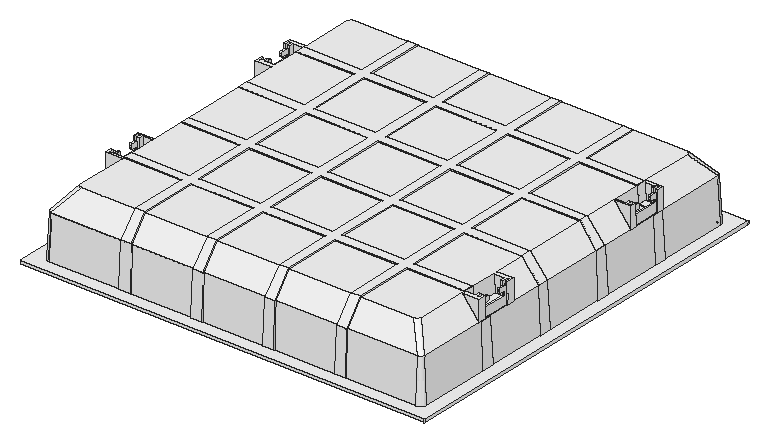
Revit family "STL24910BR_30_40_STL24910PTO_30_40", category Luminárias, Revit 2023 (continued)
Automatic sketch dimensions
  plane 8 to Extrusion 34 sketch curve = 0.00 m
  plane 6 to Extrusion 34 sketch curve = 0.00 m
Connectors (m)
  electrical at (0, 0, 2.5655)
    settings: index 1, voltage 0 V, apparent load 0 VA, apparent load phase1 0 VA, apparent load phase2 0 VA, apparent load phase3 0 VA, power factor 1, load classification "Outro", number of poles 1, system type 31, power factor state 1, is connector primary yes, connector utility no, sub classification motor no, connector description ""
Types (4, lengths in m): name | Wattage | built-in parameter 1150107 | Temperatura da cor (K) | Referência | Luminoso | built-in parameter 1150106 | built-in parameter 1150105 | Fluxo Luminoso | Estrutura | Lumens | built-in parameter 1150134 | Arquivo de rede fotométrica
  STL24910BR/30 - BIVOLT - 3000K - 2400lm - 85° | 16.1571 W | 3000 (stored number, unit not read) | 3000 K | "STL24910BR/30 - BIVOLT" | Luminoso - 3000K | 12.335 (stored number, unit not read) | 1233.5 (stored number, unit not read) | 2400 lm | Al - Branco | 2400 lm | (empty or 0) | "STELLA - STL24910BR-30 - PAINEL DE EMBUTIR SUPER RECUADO S.DEEP 26W.IES"
  STL24910BR/40 - BIVOLT - 4000K - 2500lm - 85° | 16.8303 W | 4000 (stored number, unit not read) | 4000 K | "STL24910BR/40 - BIVOLT" | Luminoso - 4000K | 12.959 (stored number, unit not read) | 1295.9 (stored number, unit not read) | 2500 lm | Al - Branco | 2500 lm | 12 | "STELLA - STL24910BR-40 - PAINEL DE EMBUTIR SUPER RECUADO S.DEEP 26W.ies"
  STL24910PTO/30 - BIVOLT - 3000K - 1800lm - 85° | 12.1178 W | 3000 (stored number, unit not read) | 3000 K | "STL24910PTO/30 - BIVOLT" | Luminoso - 3000K | 9.4653 (stored number, unit not read) | 946.53 (stored number, unit not read) | 1800 lm | Al - Preto | 1800 lm | (empty or 0) | "STELLA - STL24910PTO-30 - PAINEL DE EMBUTIR SUPER RECUADO S.DEEP 26W.IES"
  STL24910PTO/40 - BIVOLT - 4000K - 1900lm - 85° | 12.791 W | 4000 (stored number, unit not read) | 4000 K | "STL24910PTO/40 - BIVOLT" | Luminoso - 4000K | 9.6949 (stored number, unit not read) | 969.49 (stored number, unit not read) | 1900 lm | Al - Preto | 1900 lm | 12 | "STELLA - STL24910PTO-40 - PAINEL DE EMBUTIR SUPER RECUADO S.DEEP 26W.ies"
